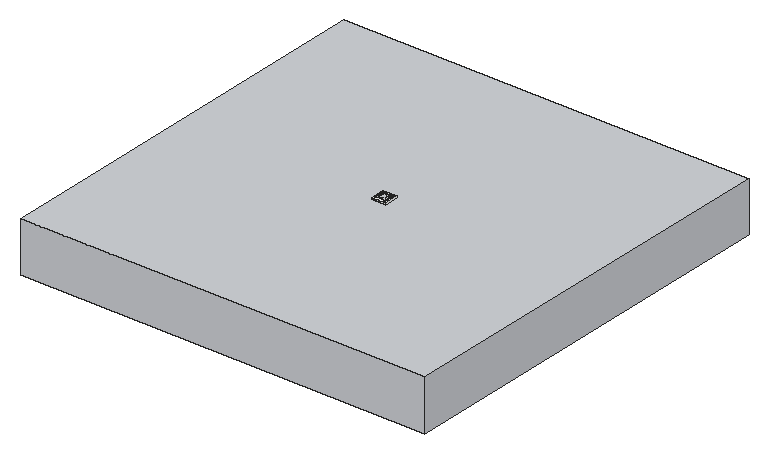
Revit family "Gira_228403", category Elektroinstallationen, Revit 2017
Family settings
  Basisbauteil = Fläche
  Beschriftungsausrichtung beibehalten = Ja
  Bemaßung runder Anschluss = Durchmesser verwenden
  Teiletyp = Normal
  Beim Laden mit Abzugskörper schneiden = Nein
  Gemeinsam genutzt = Nein
  Raumberechnungspunkt = Nein
Parameters (values of type "UP-Radio RDS o.Lautsprecher System 55 Reinweiß")
  Zusammenstellung = "Basiselement mit zentraler Abdeckplatte"
  White [instance] = White
  Werkstoffgüte = "sonstige"
  Werkstoff = "sonstige"
  Waschmaschinenschalter = "Nein"
  Verfügbar = "Ja"
  URL = "http://katalog.gira.de/de_DE/datenblatt.html?artikelnr=228403"
  Textfeld/Beschriftungsfläche = "nein"
  Tastschalter = "Nein"
  Schaltungsart = "Serienschalter"
  Rückmeldekontakt = "Nein"
  Region = "DE"
  RAL-Nummer (ähnlich) = "9010 "
  Oberfläche = "sonstige"
  Nennspannung = "250 Volt"
  Name = "Wippschalter Anzeige Hotelzimmerstatus System 55 Schwarz m"
  Montageart = "unter Putz"
  Modell = "Sys55_Komplettgerät_Schalten und Tasten"
  Default Elevation = 1219.2 mm
  Mit Montageplatte = "Nein"
  Kategorie = "Installationsschalter"
  Hersteller = "Gira"
  HeinzeBIM = "https://bimportal.heinze.de/bim/wippschalter-anzeige-hotelzimmerstatus-system-55-schwarz-m/5a01e1c00ac0022f54d1c586d45fc9b6c436bf84"
  Halogenfrei = "Ja"
  HAN = "1104005"
  Geeignet für Schutzart (IP) = "IP20"
  GTIN = "4010337889212"
  Farbe = "aluminium"
  Beschreibung = "Unterputz-Radio RDS  Reinweiß glänzend"
  Bemessungsstrom = "10 Ampere"
  Beleuchtung = "nein"
  Befestigungsart = "Krallen-/Schraubbefestigung"
  Bedienungsart = "Wippe/Taste"
  Ausführung der Oberfläche = "glänzend"
  Ausführung = "Radio (*en-EN)"
  Anzahl der Module (bei Modulbauweise) = "1 "
  Anzahl der Betätigungswippen = "2 "
  Anschlussart = "Steckklemme"
Reference planes
  plane 1 "Center (Front/Back)": y = 0
  plane 2: z = 0
  plane 3 "Center (Left/Right)": x = 0
Forms (mm)
  Extrusion 1, solid
    sketch origin (0, 0, 0) x (1, 0, 0) y (0, 1, 0)
      loop
        line (-1219.2, 1219.2) -> (-1219.2, -1219.2) -> (1219.2, -1219.2) -> (1219.2, 1219.2) -> (-1219.2, 1219.2)
    from 0 to -304.8
  Extrusion 2, solid, material "White" <- "White", detail levels medium
    sketch origin (0, 0, 0) x (1, 0, 0) y (0, 1, 0)
      loop
        line (-40.4, 40.4) -> (-40.4, -40.4) -> (40.4, -40.4) -> (40.4, 40.4) -> (-40.4, 40.4)
      loop
        line (-28, 28) -> (-28, -28) -> (28, -28) -> (28, 28) -> (-28, 28)
    from 0 to 10
  Extrusion 3, solid, material "White" <- "White", detail levels fine
    sketch origin (0, 0, 0) x (1, 0, 0) y (0, 1, 0)
      loop
        line (-40.4, 40.4) -> (-40.4, -40.4) -> (40.4, -40.4) -> (40.4, 40.4) -> (-40.4, 40.4)
      loop
        line (-28, 28) -> (-28, -28) -> (28, -28) -> (28, 28) -> (-28, 28)
    from 0 to 10
  Extrusion 4, void
    sketch origin (0, 0, 0) x (1, 0, 0) y (0, 1, 0)
      loop
        line (-38.4, 38.4) -> (-38.4, -38.4) -> (38.4, -38.4) -> (38.4, 38.4) -> (-38.4, 38.4)
    from 0 to 8
  Extrusion 5, solid, material "White" <- "White", detail levels medium+fine
    sketch origin (0, 0, 0) x (1, 0, 0) y (0, 1, 0)
      loop
        line (-39.4, 39.4) -> (-39.4, -39.4) -> (39.4, -39.4) -> (39.4, 39.4) -> (-39.4, 39.4)
    from 0 to -1
  Extrusion 6, solid, material "White" <- "White", detail levels medium+fine
    sketch origin (0, 0, 0) x (1, 0, 0) y (0, 1, 0)
      loop
        line (-35.5, 35.5) -> (-35.5, -35.5) -> (35.5, -35.5) -> (35.5, 35.5) -> (-35.5, 35.5)
    from -2 to -3
  Extrusion 7, solid, material "White" <- "White", detail levels medium+fine
    sketch origin (0, 0, 0) x (1, 0, 0) y (0, 1, 0)
      loop
        circle (0, 0) r 26
    from 0 to -27.5
  Extrusion 8, solid, material "White" <- "White", detail levels coarse
    sketch origin (0, 0, 0) x (1, 0, 0) y (0, 1, 0)
      loop
        line (-40.4, 40.4) -> (-40.4, -40.4) -> (40.4, -40.4) -> (40.4, 40.4) -> (-40.4, 40.4)
    from -27.5 to 10
Cuts and joins
  Extrusion 4 cuts Extrusion 3
Dimensions and locks
  aligned and locked: plane 2 to Extrusion 1
  aligned and locked: level to Extrusion 1
  aligned and locked: plane 3 "Center (Left/Right)" to nested 2
  aligned and locked: plane 1 "Center (Front/Back)" to nested 2
Nested families
  nested 1: "Sys55_Abdeckung_Schalten und Tasten_floor_base" at (0, 0, 0), type "Sys55_Abdeckung_Schalten und Tasten_floor_base"
  nested 2: "Schalter" at (0, 0, 0), type "Schalter"
Connectors
  electrical at (0, 0, -27.5)
    settings: on Extrusion 7, index 1, voltage 220 V, apparent load 0 VA, apparent load phase1 0 VA, apparent load phase2 0 VA, apparent load phase3 0 VA, power factor 1, load classification "Other", number of poles 1, system type 30, power factor state 1, is connector primary yes, connector utility no, sub classification motor no, connector description ""
Definition of nested family "Sys55_Abdeckung_Schalten und Tasten_floor_base"
  Parameters
    Default Elevation = 1219.2 mm
    White [instance] = none
  Reference planes
    plane 1 "Center (Front/Back)": y = 0
    plane 2: z = 0
    plane 3 "Center (Left/Right)": x = 0
  Forms (mm)
    Extrusion 1, solid
      sketch origin (0, 0, 0) x (1, 0, 0) y (0, 1, 0)
        loop
          line (-1219.2, 1219.2) -> (-1219.2, -1219.2) -> (1219.2, -1219.2) -> (1219.2, 1219.2) -> (-1219.2, 1219.2)
      from 0 to -304.8
    Extrusion 2, solid, material <- "White", detail levels fine
      sketch origin (0, 0, 0) x (1, 0, 0) y (0, 1, 0)
        loop
          line (-27.5, 27.5) -> (-27.5, -27.5) -> (27.5, -27.5) -> (27.5, 27.5) -> (-27.5, 27.5)
      from 0 to 8
    Extrusion 3, void
      sketch origin (0, 0, 0) x (1, 0, 0) y (0, 1, 0)
        loop
          line (26, 26) -> (-26, 26) -> (-26, -26) -> (26, -26) -> (26, 26)
      from 0 to 6
    Extrusion 4, solid, material <- "White", detail levels medium
      sketch origin (0, 0, 0) x (1, 0, 0) y (0, 1, 0)
        loop
          line (-27.5, 27.5) -> (-27.5, -27.5) -> (27.5, -27.5) -> (27.5, 27.5) -> (-27.5, 27.5)
      from 0 to 8
    Extrusion 5, solid, material <- "White", detail levels medium
      sketch origin (0, 0, 0) x (1, 0, 0) y (0, 1, 0)
        loop
          line (11, -17.5) -> (11, 17.5) -> (-11, 17.5) -> (-11, -17.5) -> (11, -17.5)
      from -6 to 6
    Extrusion 6, solid, material <- "White", detail levels fine
      sketch origin (0, 0, 0) x (1, 0, 0) y (0, 1, 0)
        loop
          line (11, 17.5) -> (-11, 17.5) -> (-11, 16.5) -> (11, 16.5) -> (11, 17.5)
        loop
          line (-11, -16.5) -> (-11, -17.5) -> (11, -17.5) -> (11, -16.5) -> (-11, -16.5)
      from -4 to 6
    Extrusion 7, solid, material <- "White", detail levels fine
      sketch origin (0, 0, 0) x (1, 0, 0) y (0, 1, 0)
        loop
          arc (5, 9.347) -> (0, 10.6) -> (-5, 9.347) r 10.6
          line (-5, 9.347) -> (-5, -9.347)
          arc (-5, -9.347) -> (0, -10.6) -> (5, -9.347) r 10.6
          line (5, -9.347) -> (5, 9.347)
      from -6 to 6
    Extrusion 8, solid, material <- "White", detail levels coarse
      sketch origin (0, 0, 0) x (1, 0, 0) y (0, 1, 0)
        loop
          line (-27.5, 27.5) -> (-27.5, -27.5) -> (27.5, -27.5) -> (27.5, 27.5) -> (-27.5, 27.5)
      from -6 to 8
  Cuts and joins
    Extrusion 3 cuts Extrusion 2
  Dimensions and locks
    aligned and locked: plane 2 to Extrusion 1
    aligned and locked: level to Extrusion 1
Definition of nested family "Schalter"
  Reference planes
    plane 1: y = 0
    plane 2: x = 0
  Lines and regions (mm)
    detail lines
      curve 1: circle (1.375, 2.778, 0) r 0.8 normal (0, 0, 1)
      curve 2: line (1.021, 2.061, 0) -> (0, 0, 0)
      curve 3: line (0, 0, 0) -> (-0.538, 0.266, 0)
  Dimensions and locks
    curve 2 to curve 2 = 2.3 mm
    curve 3 to curve 2 = 0.6 mm
    radius of curve 1 = 0.8 mm
